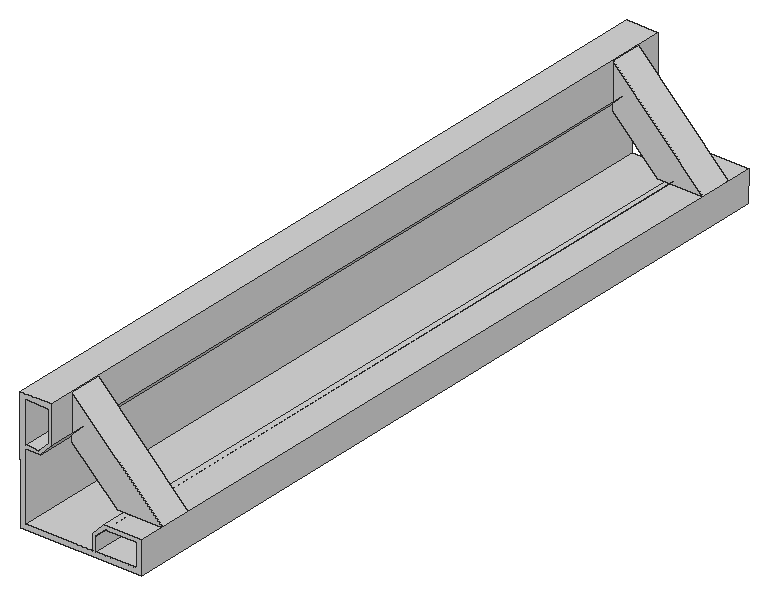
Revit family "LGW_OUTSIDE CORNER LGW 0.6_1923072", category Generic Models, Revit 2018
Family settings
  Can host rebar = No
  Round Connector Dimension = Use Diameter
  Part Type = Normal
  OmniClass Number = 35.51.14.00
  OmniClass Title = FORMWORK
  Work Plane-Based = Yes
  Always vertical = No
  Cut with Voids When Loaded = No
  Shared = Yes
  Room Calculation Point = No
Parameters
  VERSION = "20190101"  # constant formula
  URL = "www.ulmaconstruction.com/en"
  UNICLASS = ""
  ITEM_CODE = "1923072"
  Manufacturer = "ULMA CONSTRUCTION"  # constant formula
  FILTER [instance] = ""
  Default Elevation = 0.000 mm
  CLASSIFICATION_TITLE = ""
  CLASSIFICATION_NUMBER = ""
Reference planes
  plane 1 "Centro (Frontal/Posterior)": y = 0
  plane 2: z = 0
  plane 3 "Centro (Izquierda/Derecha)": x = 0
  plane 4 "ITEM_HEIGHT": y = 600
Forms (mm)
  Extrusion 1, solid, material "ULMA ZINC"
    sketch origin (0, 0, 0) x (1, 0, 0) y (0, 0, 1)
      loop
        line (25, 96.5) -> (0, 96.5) -> (0, 0) -> (96.5, 0) -> (96.5, 25) -> (66.5, 25) -> (57.5, 16) -> (57.5, 4) -> (4, 4) -> (4, 57.5) -> (16, 57.5) -> (25, 66.5) -> (25, 96.5)
      loop
        line (4, 60) -> (14.964, 60) -> (22.5, 67.536) -> (22.5, 92.5) -> (4, 92.5) -> (4, 60)
      loop
        line (60, 14.964) -> (60, 4) -> (92.5, 4) -> (92.5, 22.5) -> (67.536, 22.5) -> (60, 14.964)
    from -600 to 0
  Extrusion 2, solid, material "ULMA ZINC", detail levels fine
    sketch origin (0, 0, 0) x (1, 0, 0) y (0, 0, 1)
      loop
        line (61.145, 25) -> (96.5, 25) -> (25, 96.5) -> (25, 61.145) -> (61.145, 25)
    from -45 to -20
  Extrusion 3, solid, material "ULMA ZINC", detail levels fine
    sketch origin (0, 567.5, 0) x (1, 0, 0) y (0, 0, 1)
      loop
        line (61.145, 25) -> (96.5, 25) -> (25, 96.5) -> (25, 61.145) -> (61.145, 25)
    from -12.5 to 12.5
Lines and regions (mm)
  model lines, style "ULMA PANELS", detail levels fine
    curve 1: circle (42, 300, 0) r 10 normal (0, 0, 1)
    curve 2: circle (0, 300, 42) r 10 normal (1, 0, 0)
    curve 3: circle (4, 300, 42) r 10 normal (1, 0, 0)
    curve 4: circle (42, 300, 4) r 10 normal (0, 0, 1)
Dimensions and locks
  aligned and locked: level to plane 2
